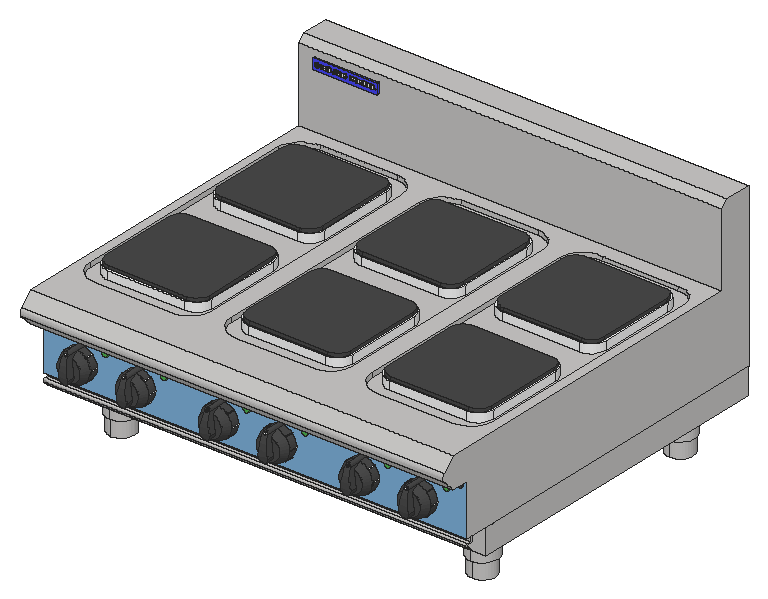
Revit family "QF_Moffat_E516S-B_Electric_Cooktop_cat", category Specialty Equipment, Revit 2019 (continued)
Definition of nested family "QF_LOGO_BLue Seal"
  Forms (mm)
    Extrusion 2, solid
      sketch origin (0, 0, 0) x (1, 0, 0) y (0, 0, 1)
        loop
          arc (128.479, 14.317) -> (128.186, 15.024) -> (127.479, 15.317) r 1
          line (127.479, 15.317) -> (123.692, 15.317)
          arc (123.692, 15.317) -> (122.985, 15.024) -> (122.692, 14.317) r 1
          line (122.692, 14.317) -> (122.692, 8.169)
        loop
          line (8.019, 7.227) -> (8.019, 15.172)
          arc (8.019, 15.172) -> (4.133, 11.2) -> (8.019, 7.227) r 3.973
      from 0 to 3.2
    Extrusion 3, solid
      sketch origin (0, 0, 0) x (1, 0, 0) y (0, 0, 1)
        loop
          line (8.289, 15.169) -> (8.289, 7.231)
          arc (8.289, 7.231) -> (12.08, 11.2) -> (8.289, 15.169) r 3.973
      from 0 to 3.2
    Extrusion 4, solid
      sketch origin (16.271, 0, 0) x (-1, 0, 0) y (0, 0, -1)
        loop
          arc (8.252, -15.172) -> (12.138, -11.2) -> (8.252, -7.227) r 3.973
          line (8.252, -7.227) -> (8.252, -15.172)
      from 0 to 3.2
  Dimensions and locks
    equal spacing: plane 3 "LEFT", plane 7 "Center Y", plane 4 "RIGHT"
    "Length": plane 3 "LEFT" to plane 4 "RIGHT"
    equal spacing: plane 5 "FRONT", plane 8 "Center X", plane 1 "BACK"
    "Depth": plane 5 "FRONT" to plane 1 "BACK"
    "Height": plane 6 "TOP" to level
    plane 4 "RIGHT" to plane 3 "LEFT" = 138 mm
    aligned and locked: level to plane 2
  Automatic sketch dimensions
    Extrusion 1 sketch curve to Extrusion 1 sketch curve = 0 mm  (x12)
    Extrusion 1 sketch curve to plane 3 "LEFT" = 0 mm
    Extrusion 1 sketch curve to level = 0 mm
    Extrusion 1 sketch curve to plane 6 "TOP" = 0 mm
    plane 4 "RIGHT" to Extrusion 1 sketch curve = 0 mm
    plane 3 "LEFT" to Extrusion 1 sketch curve = 2 mm
    Extrusion 1 sketch curve to Extrusion 1 sketch curve = 2 mm
    plane 3 "LEFT" to Extrusion 1 sketch curve = 8.135 mm
    Extrusion 1 sketch curve to Extrusion 1 sketch curve = 7.524 mm
    Extrusion 1 sketch curve to Extrusion 1 sketch curve = 0.965 mm
    Extrusion 1 sketch curve to Extrusion 1 sketch curve = 1 mm  (x22)
    Extrusion 1 sketch curve to Extrusion 1 sketch curve = 4.503 mm
    Extrusion 1 sketch curve to Extrusion 1 sketch curve = 2.434 mm  (x2)
    Extrusion 1 sketch curve to Extrusion 1 sketch curve = 4.362 mm
    Extrusion 1 sketch curve to Extrusion 1 sketch curve = 3.517 mm
    Extrusion 1 sketch curve to Extrusion 1 sketch curve = 3.787 mm  (x2)
    Extrusion 1 sketch curve to Extrusion 1 sketch curve = 4.787 mm
    Extrusion 1 sketch curve to Extrusion 1 sketch curve = 4.588 mm
    Extrusion 1 sketch curve to Extrusion 1 sketch curve = 1.798 mm
    Extrusion 1 sketch curve to Extrusion 1 sketch curve = 1.956 mm  (x2)
    Extrusion 1 sketch curve to Extrusion 1 sketch curve = 3.735 mm
    Extrusion 1 sketch curve to Extrusion 1 sketch curve = 3.779 mm
    Extrusion 1 sketch curve to Extrusion 1 sketch curve = 1.146 mm
    Extrusion 1 sketch curve to Extrusion 1 sketch curve = 3.631 mm
    Extrusion 1 sketch curve to Extrusion 1 sketch curve = 3.713 mm
    Extrusion 1 sketch curve to Extrusion 1 sketch curve = 0.959 mm
    Extrusion 1 sketch curve to Extrusion 1 sketch curve = 1.688 mm
    Extrusion 1 sketch curve to plane 7 "Center Y" = 3.94 mm
    plane 7 "Center Y" to Extrusion 1 sketch curve = 0.777 mm
    plane 7 "Center Y" to Extrusion 1 sketch curve = 0.845 mm
    plane 7 "Center Y" to Extrusion 1 sketch curve = 0.988 mm
    Extrusion 1 sketch curve to Extrusion 1 sketch curve = 7.327 mm
    Extrusion 1 sketch curve to Extrusion 1 sketch curve = 4.556 mm
    Extrusion 1 sketch curve to Extrusion 1 sketch curve = 3.087 mm
    Extrusion 1 sketch curve to Extrusion 1 sketch curve = 4.657 mm  (x2)
    Extrusion 1 sketch curve to Extrusion 1 sketch curve = 0.004 mm
    Extrusion 1 sketch curve to Extrusion 1 sketch curve = 0.996 mm  (x2)
    Extrusion 1 sketch curve to Extrusion 1 sketch curve = 1.402 mm
    Extrusion 1 sketch curve to Extrusion 1 sketch curve = 5.025 mm
    Extrusion 1 sketch curve to Extrusion 1 sketch curve = 4.717 mm
    Extrusion 1 sketch curve to Extrusion 1 sketch curve = 4.785 mm
    Extrusion 1 sketch curve to Extrusion 1 sketch curve = 0.211 mm
    Extrusion 1 sketch curve to Extrusion 1 sketch curve = 2.645 mm
    Extrusion 1 sketch curve to Extrusion 1 sketch curve = 3.936 mm
    Extrusion 1 sketch curve to Extrusion 1 sketch curve = 0.5 mm  (x2)
    Extrusion 1 sketch curve to Extrusion 1 sketch curve = 1.76 mm
    Extrusion 1 sketch curve to Extrusion 1 sketch curve = 2.76 mm
    Extrusion 1 sketch curve to Extrusion 1 sketch curve = 4.875 mm
    Extrusion 1 sketch curve to Extrusion 1 sketch curve = 3.875 mm
    Extrusion 1 sketch curve to Extrusion 1 sketch curve = 1.717 mm
    plane 4 "RIGHT" to Extrusion 1 sketch curve = 4.933 mm
    plane 4 "RIGHT" to Extrusion 1 sketch curve = 2 mm  (x2)
    level to Extrusion 1 sketch curve = 7.169 mm  (x5)
    Extrusion 1 sketch curve to Extrusion 1 sketch curve = 5.169 mm
    Extrusion 1 sketch curve to Extrusion 1 sketch curve = 0.983 mm  (x2)
    Extrusion 1 sketch curve to Extrusion 1 sketch curve = 1.01 mm  (x2)
    Extrusion 1 sketch curve to Extrusion 1 sketch curve = 0.376 mm
    Extrusion 1 sketch curve to Extrusion 1 sketch curve = 0.588 mm
    Extrusion 1 sketch curve to Extrusion 1 sketch curve = 0.966 mm
    Extrusion 1 sketch curve to Extrusion 1 sketch curve = 2.037 mm  (x2)
    Extrusion 1 sketch curve to Extrusion 1 sketch curve = 0.772 mm  (x2)
    Extrusion 1 sketch curve to Extrusion 1 sketch curve = 0.952 mm
    Extrusion 1 sketch curve to Extrusion 1 sketch curve = 1.046 mm
    Extrusion 1 sketch curve to Extrusion 1 sketch curve = 1.28 mm  (x2)
    Extrusion 1 sketch curve to Extrusion 1 sketch curve = 1.878 mm
    Extrusion 1 sketch curve to Extrusion 1 sketch curve = 2.905 mm
    Extrusion 1 sketch curve to Extrusion 1 sketch curve = 3.031 mm
    Extrusion 1 sketch curve to Extrusion 1 sketch curve = 0.84 mm  (x2)
    Extrusion 1 sketch curve to Extrusion 1 sketch curve = 2.448 mm
    Extrusion 1 sketch curve to Extrusion 1 sketch curve = 2.202 mm
    Extrusion 1 sketch curve to Extrusion 1 sketch curve = 0.786 mm
    Extrusion 1 sketch curve to Extrusion 1 sketch curve = 1.332 mm
    Extrusion 1 sketch curve to Extrusion 1 sketch curve = 1.12 mm  (x2)
    Extrusion 1 sketch curve to Extrusion 1 sketch curve = 1.716 mm
    Extrusion 1 sketch curve to Extrusion 1 sketch curve = 1.051 mm  (x2)
    Extrusion 1 sketch curve to Extrusion 1 sketch curve = 4.147 mm
    Extrusion 1 sketch curve to Extrusion 1 sketch curve = 5.129 mm
    Extrusion 1 sketch curve to Extrusion 1 sketch curve = 0.051 mm
    Extrusion 1 sketch curve to Extrusion 1 sketch curve = 1.037 mm
    Extrusion 1 sketch curve to Extrusion 1 sketch curve = 0.516 mm
    plane 3 "LEFT" to Extrusion 1 sketch curve = 3.555 mm
    Extrusion 2 sketch curve to Extrusion 2 sketch curve = 0 mm  (x16)
    plane 3 "LEFT" to Extrusion 2 sketch curve = 8.019 mm
    Extrusion 2 sketch curve to Extrusion 2 sketch curve = 0.088 mm
    Extrusion 2 sketch curve to Extrusion 2 sketch curve = 0.029 mm
    Extrusion 2 sketch curve to Extrusion 2 sketch curve = 0.27 mm
    Extrusion 2 sketch curve to Extrusion 2 sketch curve = 7.371 mm
    Extrusion 2 sketch curve to Extrusion 2 sketch curve = 0.965 mm
    Extrusion 2 sketch curve to Extrusion 2 sketch curve = 1 mm  (x24)
    Extrusion 2 sketch curve to Extrusion 2 sketch curve = 4.503 mm
    Extrusion 2 sketch curve to Extrusion 2 sketch curve = 2.434 mm
    Extrusion 2 sketch curve to Extrusion 2 sketch curve = 4.362 mm
    Extrusion 2 sketch curve to Extrusion 2 sketch curve = 3.517 mm
    Extrusion 2 sketch curve to Extrusion 2 sketch curve = 3.787 mm  (x2)
    Extrusion 2 sketch curve to Extrusion 2 sketch curve = 4.787 mm  (x2)
    Extrusion 2 sketch curve to Extrusion 2 sketch curve = 4.588 mm  (x2)
    Extrusion 2 sketch curve to Extrusion 2 sketch curve = 1.798 mm
    Extrusion 2 sketch curve to Extrusion 2 sketch curve = 1.956 mm
    Extrusion 2 sketch curve to Extrusion 2 sketch curve = 3.735 mm
    Extrusion 2 sketch curve to Extrusion 2 sketch curve = 1.146 mm
    Extrusion 2 sketch curve to Extrusion 2 sketch curve = 3.631 mm
    Extrusion 2 sketch curve to Extrusion 2 sketch curve = 3.713 mm
    Extrusion 2 sketch curve to Extrusion 2 sketch curve = 0.959 mm
    Extrusion 2 sketch curve to Extrusion 2 sketch curve = 1.688 mm
    Extrusion 2 sketch curve to plane 7 "Center Y" = 3.94 mm
    plane 7 "Center Y" to Extrusion 2 sketch curve = 0.777 mm
    plane 7 "Center Y" to Extrusion 2 sketch curve = 0.845 mm
    plane 7 "Center Y" to Extrusion 2 sketch curve = 0.988 mm
    Extrusion 2 sketch curve to Extrusion 2 sketch curve = 7.327 mm
    Extrusion 2 sketch curve to Extrusion 2 sketch curve = 4.556 mm
    Extrusion 2 sketch curve to Extrusion 2 sketch curve = 3.087 mm
    Extrusion 2 sketch curve to Extrusion 2 sketch curve = 4.657 mm  (x2)
    Extrusion 2 sketch curve to Extrusion 2 sketch curve = 0.004 mm
    Extrusion 2 sketch curve to Extrusion 2 sketch curve = 0.996 mm
    Extrusion 2 sketch curve to Extrusion 2 sketch curve = 1.402 mm
    Extrusion 2 sketch curve to Extrusion 2 sketch curve = 5.025 mm
    Extrusion 2 sketch curve to Extrusion 2 sketch curve = 4.717 mm
    Extrusion 2 sketch curve to Extrusion 2 sketch curve = 4.785 mm
    Extrusion 2 sketch curve to Extrusion 2 sketch curve = 0.211 mm
    Extrusion 2 sketch curve to Extrusion 2 sketch curve = 2.578 mm
    Extrusion 2 sketch curve to Extrusion 2 sketch curve = 3.936 mm
    Extrusion 2 sketch curve to Extrusion 2 sketch curve = 0.5 mm  (x2)
    Extrusion 2 sketch curve to Extrusion 2 sketch curve = 1.76 mm
    Extrusion 2 sketch curve to Extrusion 2 sketch curve = 2.76 mm
    Extrusion 2 sketch curve to Extrusion 2 sketch curve = 3.875 mm
    Extrusion 2 sketch curve to Extrusion 2 sketch curve = 4.875 mm
    Extrusion 2 sketch curve to Extrusion 2 sketch curve = 1.717 mm
    level to Extrusion 2 sketch curve = 7.169 mm  (x6)
    level to Extrusion 2 sketch curve = 7.227 mm
    Extrusion 2 sketch curve to Extrusion 2 sketch curve = 0.003 mm
    Extrusion 2 sketch curve to Extrusion 2 sketch curve = 0.983 mm  (x2)
    Extrusion 2 sketch curve to Extrusion 2 sketch curve = 1.01 mm  (x2)
    Extrusion 2 sketch curve to Extrusion 2 sketch curve = 1.376 mm
    Extrusion 2 sketch curve to Extrusion 2 sketch curve = 0.588 mm
    Extrusion 2 sketch curve to Extrusion 2 sketch curve = 0.966 mm
    Extrusion 2 sketch curve to Extrusion 2 sketch curve = 2.037 mm  (x2)
    Extrusion 2 sketch curve to Extrusion 2 sketch curve = 0.772 mm  (x2)
    Extrusion 2 sketch curve to Extrusion 2 sketch curve = 1.539 mm
    Extrusion 2 sketch curve to Extrusion 2 sketch curve = 0.961 mm
    Extrusion 2 sketch curve to Extrusion 2 sketch curve = 1.28 mm  (x2)
    Extrusion 2 sketch curve to Extrusion 2 sketch curve = 1.878 mm
    Extrusion 2 sketch curve to Extrusion 2 sketch curve = 2.905 mm
    Extrusion 2 sketch curve to Extrusion 2 sketch curve = 3.969 mm
    Extrusion 2 sketch curve to Extrusion 2 sketch curve = 0.84 mm  (x2)
    Extrusion 2 sketch curve to Extrusion 2 sketch curve = 2.448 mm
    Extrusion 2 sketch curve to Extrusion 2 sketch curve = 2.202 mm
    Extrusion 2 sketch curve to Extrusion 2 sketch curve = 2.222 mm
    Extrusion 2 sketch curve to Extrusion 2 sketch curve = 1.332 mm
    Extrusion 2 sketch curve to Extrusion 2 sketch curve = 1.12 mm  (x2)
    Extrusion 2 sketch curve to Extrusion 2 sketch curve = 0.929 mm
    Extrusion 2 sketch curve to Extrusion 2 sketch curve = 1.051 mm  (x2)
    Extrusion 2 sketch curve to Extrusion 2 sketch curve = 5.129 mm  (x2)
    Extrusion 2 sketch curve to Extrusion 2 sketch curve = 4.147 mm
    Extrusion 2 sketch curve to Extrusion 2 sketch curve = 0.516 mm
    plane 3 "LEFT" to Extrusion 2 sketch curve = 3.555 mm
    plane 3 "LEFT" to Extrusion 3 sketch curve = 8.107 mm
    Extrusion 3 sketch curve to Extrusion 3 sketch curve = 0.182 mm
    level to Extrusion 3 sketch curve = 7.231 mm
    Extrusion 3 sketch curve to Extrusion 3 sketch curve = 3.969 mm
    Extrusion 4 sketch curve to plane 3 "LEFT" = 8.107 mm
    Extrusion 4 sketch curve to Extrusion 4 sketch curve = 0.088 mm
    Extrusion 4 sketch curve to level = 7.227 mm
    Extrusion 4 sketch curve to Extrusion 4 sketch curve = 3.972 mm
